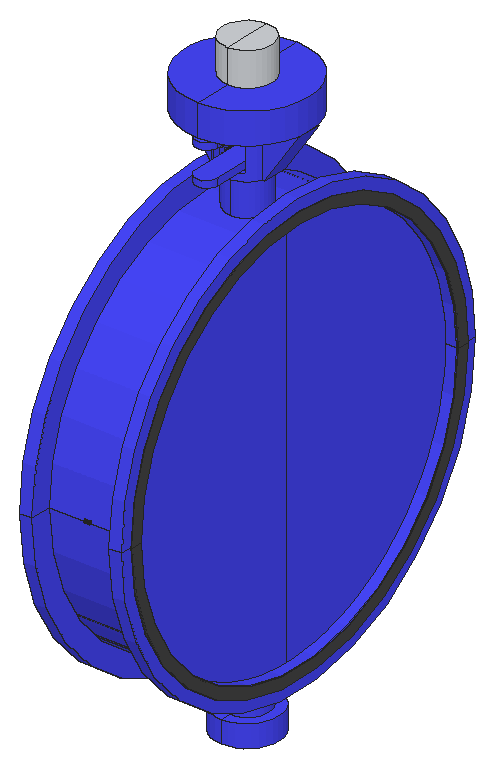
Revit family "926-00-001-DN80-1800", category Pipe Accessories, Revit 2022
Family settings
  Round Connector Dimension = Use Diameter
  Part Type = Valve - Breaks Into
  Work Plane-Based = No
  Always vertical = Yes
  Cut with Voids When Loaded = No
  Shared = No
Parameters (values of type "DN1800_PN16")
  total_FL_legth = A - L  # 459.5 mm
  rib_Loctn = Body_rib_L * 0.4  # 48 mm
  logo = Bore_R + Body_T + 2 mm  # 905 mm
  bottom_support_T = size_lookup(Search_table, "bottom_support_T", 0 mm, DN)  # 144 mm
  bottom_Shaft_T = Body_rib_W * 0.4  # 6 mm
  bottom_Shaft_R = Body_shaft_R3 * 1.2  # 149.76 mm
  Wedge = A / 1.3  # 359.231 mm
  URL_product_pages = "https://www.avkvalves.com/P.aspx?no=92608000020140100000"
  Top_Rib = D / 2  # 110 mm
  Top_Flange_T = size_lookup(Search_table, "Top_Flange_T", 0 mm, DN)  # 140 mm
  Top_Flange_R_T = Slot_T * 2  # 58 mm
  Top_Flange_R = size_lookup(Search_table, "Top_Flange_R", 0 mm, DN)  # 280 mm
  Top_Flange1 = size_lookup(Search_table, "Top_Flange1", 0 mm, DN)  # 140 mm
  Top _Flange_dim2 = Body_shaft_R3_T * 2  # 66 mm
  Top _Flange_dim1 = Body_shaft_R3 * 0.58  # 72.384 mm
  Stem_R = size_lookup(Search_table, "Stem_R", 0 mm, DN)  # 70 mm
  Slt = size_lookup(Search_table, "Slt", 0 mm, DN)  # 100 mm
  Slot_dim1 = size_lookup(Search_table, "Slot_dim1", 0 mm, DN)  # 16 mm
  Slot_T = size_lookup(Search_table, "Slot_T", 0 mm, DN)  # 29 mm
  Search_table = "926-00-001-DN80-1800"
  Seal_R = size_lookup(Search_table, "Seal_R", 0 mm, DN)  # 78.5 mm
  Rib_shaft1 = size_lookup(Search_table, "Rib_shaft1", 0 mm, DN)  # 96 mm
  Rib_shaft = size_lookup(Search_table, "Rib_shaft", 0 mm, DN)  # 124.8 mm
  Rib_T = (FL_T - Raised_dis) / 1.5  # 33.333 mm
  Rib_R = D / 2  # 110 mm
  Retainer = size_lookup(Search_table, "Retainer", 0 mm, DN)  # 50 mm
  Raised_dis = size_lookup(Search_table, "Raised_dis", 0 mm, DN)  # 5 mm
  Raised_R = size_lookup(Search_table, "Raised_R", 0 mm, DN)  # 975 mm
  PCD = size_lookup(Search_table, "PCD", 0 mm, DN)  # 2020 mm
  L = Raised_dis * 1.5  # 7.5 mm
  Hole_R = size_lookup(Search_table, "Hole_R", 0 mm, DN)  # 24.5 mm
  FL_T = size_lookup(Search_table, "FL_T", 0 mm, DN)  # 55 mm
  FL_R = size_lookup(Search_table, "FL_R", 0 mm, DN)  # 1000 mm
  E = size_lookup(Search_table, "E", 0 mm, DN)  # 150 mm
  Description_ = "AVK DBL. ECC. BUTTERFLY VALVE, FLANGED, AWWA SHORT, PN10/16"
  Default Elevation = 0 mm
  DN900_PN16 = "926-900-00-020020100000"
  DN900_PN10 = "926-900-00-010020100000"
  DN800_PN16 = "926-800-00-020020100000"
  DN800_PN10 = "926-800-00-010020100000"
  DN750_PN16 = "926-750-00-020020100000"
  DN750_PN10 = "926-750-00-010020100000"
  DN700_PN16 = "926-700-00-020020100000"
  DN700_PN10 = "926-700-00-010020100000"
  DN600_PN16 = "926-600-00-020040100000"
  DN600_PN10 = "926-600-00-010040100000"
  DN500_PN16 = "926-500-00-020040100000"
  DN500_PN10 = "926-500-00-010040100000"
  DN400_PN16 = "926-400-00-020040100000"
  DN400_PN10 = "926-400-00-010040100000"
  DN350_PN16 = "926-350-00-020040100000"
  DN350_PN10 = "926-350-00-010040100000"
  DN300_PN16 = "926-300-00-020040100000"
  DN300_PN10 = "926-300-00-010040100000"
  DN250_PN16 = "926-250-00-020040100000"
  DN250_PN10 = "926-250-00-010040100000"
  DN200_PN16 = "926-200-00-020040100000"
  DN200_PN10 = "926-200-00-010040100000"
  DN1800_PN16 = "926-A18-00-020020100000"
  DN1800_PN10 = "926-A18-00-010020100000"
  DN150_PN10/16 = "926-150-00-020040100000"
  DN1500_PN16 = "926-A15-00-020020100000"
  DN1500_PN10 = "926-A15-00-010020100000"
  DN1200_PN16 = "926-A12-00-020020100000"
  DN1200_PN10 = "926-A12-00-010020100000"
  DN100_PN10/16 = "926-100-00-020140100000"
  DN1000_PN16 = "926-A10-00-020020100000"
  DN1000_PN10 = "926-A10-00-010020100000"
  DN080_PN10/16 = "926-080-00-020140100000"
  DN = 1800 mm
  D = size_lookup(Search_table, "D", 0 mm, DN)  # 220 mm
  C = size_lookup(Search_table, "C", 0 mm, DN)  # 1430 mm
  Bore_R = size_lookup(Search_table, "Bore_R", 0 mm, DN)  # 900 mm
  Body_shaft_R3_T = size_lookup(Search_table, "Body_shaft_R3_T", 0 mm, DN)  # 33 mm
  Body_shaft_R3 = Body_shaft_R2 * 1.3  # 124.8 mm
  Body_shaft_R2_T = D * 0.8  # 176 mm
  Body_shaft_R2 = Body_rib_L * 0.8  # 96 mm
  Body_shaft_R1 = (total_FL_legth - FL_T) / 2  # 202.25 mm
  Body_rib_W = size_lookup(Search_table, "Body_rib_W", 0 mm, DN)  # 15 mm
  Body_rib_L = size_lookup(Search_table, "Body_rib_L", 0 mm, DN)  # 120 mm
  Body_end_shaft_R = (total_FL_legth - 2 * Raised_dis) / 2  # 224.75 mm
  Body_T = size_lookup(Search_table, "Body_T", 0 mm, DN)  # 3 mm
  B = size_lookup(Search_table, "B", 0 mm, DN)  # 1230 mm
  A = size_lookup(Search_table, "A", 0 mm, DN)  # 467 mm
Reference planes
  plane 1 "Center (Front/Back)": y = 0
  plane 2: z = 0
  plane 3 "Center (Left/Right)": x = 0
  plane 4: z = -1010
  plane 5: z = 1010
  plane 6: x = -229.75
  plane 7: x = 229.75
  plane 8: y = 1010
  plane 9: y = -1010
  plane 10: x = -229.75
  plane 11: x = 229.75
  plane 12: x = -196.417
  plane 13: x = 196.417
  plane 14: z = -1230
  plane 15: z = 1025
  plane 16: z = 1430
  plane 17: y = 23
  plane 18: y = -23
  plane 19: z = 1430
  plane 20: z = 1580
  plane 21: x = -110
  plane 22: x = 110
  plane 23: z = 1290
  plane 24: z = 1025
  plane 25: x = -55
  plane 26: x = 55
  plane 27: z = 1091
  plane 28: z = 1025
  plane 29: z = 900
  plane 30: z = 1000
  plane 31: z = 1290
  plane 32: z = 1062
  plane 33: z = 1274
  plane 34: z = 1245
  plane 35: y = 1000
  plane 36: y = 1000
  plane 37: y = -905
  plane 38: y = 55
  plane 39: y = -55
  plane 40: x = -50
  plane 41: x = 50
  plane 42: x = -233.5
  plane 43: x = 233.5
  plane 44: y = 110
  plane 45: y = -110
  plane 46: z = 1290
  plane 47: x = 237.25
  plane 48: x = -110
  plane 49: x = 110
  plane 50: x = -280
  plane 51: x = 280
Forms (mm)
  Revolve 1, solid, material "Default"
    sketch origin (0, 0, 0) x (1, 0, 0) y (0, 1, 0)
      loop
        line (-229.75, 900) -> (229.75, 900) -> (229.75, 1000) -> (174.75, 1000) -> (174.75, 903) -> (-174.75, 903) -> (-174.75, 1000) -> (-229.75, 1000) -> (-229.75, 900)
      axis (-229.75, 0) -> (229.75, 0)
    angle from 0 to 360
  Revolve 2, solid, material "Default Roof"
    sketch origin (0, 0, 0) x (1, 0, 0) y (0, 1, 0)
      loop
        line (229.75, 950) -> (229.75, 900) -> (237.25, 900) -> (237.25, 950) -> (229.75, 950)
      axis (237.25, 0) -> (229.75, 0)
    angle from 0 to 360
  Revolve 3, solid, material "Default"
    sketch origin (0, 0, 0) x (0, 1, 0) y (0, 0, 1)
      loop
        line (0, -1230) -> (0, 1091) -> (-96, 1091) -> (-96, -1130) -> (-144, -1130) -> (-144, -1230) -> (0, -1230)
      axis (0, 1091) -> (0, -1230)
    angle from 0 to 360
  Revolve 4, solid, material "Default"
    sketch origin (0, 0, 0) x (0, 1, 0) y (0, 0, 1)
      loop
        line (0, 1091) -> (0, 1430) -> (-280, 1430) -> (-280, 1290) -> (-96, 1290) -> (-96, 1091) -> (0, 1091)
      axis (0, 1430) -> (0, 1091)
    angle from 0 to 360
  Revolve 5, solid, material "Default"
    sketch origin (0, 0, 0) x (0, 1, 0) y (0, 0, 1)
      loop
        line (-124.8, 1290) -> (-124.8, 1058) -> (0, 1058) -> (0, 1290) -> (-124.8, 1290)
      axis (0, 1290) -> (0, 1058)
    angle from 0 to 360
  Revolve 6, solid, material "Default"
    sketch origin (0, 0, 0) x (0, 1, 0) y (0, 0, 1)
      loop
        line (0, 1290) -> (-96, 1290) -> (-96, 1091) -> (0, 1091) -> (0, 1290)
      axis (0, 1290) -> (0, 1091)
    angle from 0 to 360
  Revolve 7, solid, material "Default"
    sketch origin (0, 0, 0) x (1, 0, 0) y (0, 0, 1)
      loop
        line (179.615, 900) -> (-179.615, 900) -> (-179.615, 0) -> (179.615, 0) -> (179.615, 900)
      axis (-179.615, 0) -> (179.615, 0)
    angle from 0 to 360
  Extrusion 8, solid, material "Default"
    sketch origin (0, 0, 0) x (1, 0, 0) y (0, 0, 1)
      loop
        line (-280, 1290) -> (-124.8, 1058) -> (124.8, 1058) -> (280, 1290) -> (-280, 1290)
    from -55 to 55
  Extrusion 9, void
    sketch origin (0, 0, 0) x (-1, 0, 0) y (0, 0, 1)
      loop
        line (-72.384, 1290) -> (-72.384, 1091) -> (72.384, 1091) -> (72.384, 1290) -> (-72.384, 1290)
    from -1010 to 1000
  Extrusion 10, solid, material "Default"
    sketch origin (0, 56.62, 1091) x (0, 1, 0) y (-1, 0, 0)
      loop
        arc (-286.62, 50) -> (-336.62, 0) -> (-286.62, -50) r 50
        line (-286.62, -50) -> (173.38, -50)
        arc (173.38, -50) -> (223.38, 0) -> (173.38, 50) r 50
        line (173.38, 50) -> (-286.62, 50)
    from 0 to 29
  Extrusion 11, solid, material "Default"
    sketch origin (0, 119.879, 1290) x (0, 1, 0) y (-1, 0, 0)
      loop
        arc (110.121, -50) -> (160.121, 0) -> (110.121, 50) r 50
        line (110.121, 50) -> (-349.879, 50)
        arc (-349.879, 50) -> (-399.879, 0) -> (-349.879, -50) r 50
        line (-349.879, -50) -> (110.121, -50)
    from -16 to -45
  Revolve 12, solid
    sketch origin (0, 0, 0) x (0, 1, 0) y (0, 0, 1)
      loop
        line (-110, 1580) -> (-110, 1290) -> (-70, 1290) -> (-70, 1274) -> (0, 1274) -> (0, 1580) -> (-110, 1580)
      axis (0, 1274) -> (0, 1580)
    angle from 0 to 360
Cuts and joins
  Extrusion 9 cuts Revolve 4
  Extrusion 9 cuts Revolve 5
  Extrusion 9 cuts Revolve 6
  Extrusion 9 cuts Extrusion 8
Dimensions and locks
  equal spacing: plane 5, level, plane 4
  "PCD": plane 5 to plane 4
  equal spacing: Revolve 1 sketch curve, plane 3 "Center (Left/Right)", Revolve 1 sketch curve  (x2)
  "Bore_R": plane 1 "Center (Front/Back)" to Revolve 1 sketch curve
  "FL_R": plane 1 "Center (Front/Back)" to Revolve 1 sketch curve
  "total_FL_legth": Revolve 1 sketch curve to Revolve 1 sketch curve
  "FL_T": Revolve 1 sketch curve to Revolve 1 sketch curve
  "Body_T": Revolve 1 sketch curve to Revolve 1 sketch curve
  equal spacing: plane 6, plane 3 "Center (Left/Right)", plane 7
  "total_FL_legth": plane 6 to plane 7
  "L": plane 7 to Revolve 2 sketch curve
  equal spacing: plane 8, plane 1 "Center (Front/Back)", plane 9
  "PCD": plane 8 to plane 9
  equal spacing: plane 11, plane 3 "Center (Left/Right)", plane 10
  "total_FL_legth": plane 11 to plane 10
  equal spacing: plane 12, plane 3 "Center (Left/Right)", plane 13
  "Rib_T": plane 12 to plane 10
  "B": level to plane 14
  "bottom_support_T": plane 1 "Center (Front/Back)" to Revolve 3 sketch curve
  "Body_rib_W": plane 15 to plane 5
  "Body_shaft_R2": plane 1 "Center (Front/Back)" to Revolve 4 sketch curve
  "C": plane 16 to level
  "Top_Flange_R": plane 1 "Center (Front/Back)" to Revolve 4 sketch curve
  "C": plane 19 to plane 2
  "E": plane 20 to plane 19
  equal spacing: plane 22, plane 3 "Center (Left/Right)", plane 21
  "D": plane 22 to plane 21
  "Top_Flange1": plane 19 to plane 23
  "Body_rib_W": plane 24 to plane 5
  "Rib_shaft": plane 1 "Center (Front/Back)" to Revolve 5 sketch curve
  "Body_shaft_R3_T": Revolve 5 sketch curve to plane 24
  equal spacing: plane 26, plane 3 "Center (Left/Right)", plane 25
  "Top_Rib": plane 26 to plane 25
  "Bore_R": plane 29 to level
  "FL_R": plane 30 to level
  "Body_rib_W": plane 28 to plane 5
  "Top _Flange_dim2": plane 27 to plane 28
  "Top_Flange1": plane 19 to plane 31
  "Slot_T": plane 27 to plane 32
  "Slot_dim1": plane 31 to plane 33
  "Slot_T": plane 33 to plane 34
  "Body_shaft_R2": plane 1 "Center (Front/Back)" to Revolve 6 sketch curve
  "Slt": Revolve 3 sketch curve to plane 14
  "Rib_shaft1": plane 1 "Center (Front/Back)" to Revolve 3 sketch curve
  equal spacing: Revolve 7 sketch curve, plane 3 "Center (Left/Right)", Revolve 7 sketch curve
  "Wedge": Revolve 7 sketch curve to Revolve 7 sketch curve
  "Bore_R": level to Revolve 7 sketch curve
  "FL_R": plane 35 to plane 1 "Center (Front/Back)"
  "FL_R": plane 36 to plane 1 "Center (Front/Back)"
  "Bore_R": plane 1 "Center (Front/Back)" to Revolve 2 sketch curve
  "logo": plane 1 "Center (Front/Back)" to plane 37
  equal spacing: Extrusion 8 sketch curve, plane 3 "Center (Left/Right)", Extrusion 8 sketch curve  (x2)
  "Top_Flange1": plane 19 to Extrusion 8 sketch curve
  "Top_Flange_R": Extrusion 8 sketch curve to plane 3 "Center (Left/Right)"
  "Rib_shaft": Extrusion 8 sketch curve to plane 3 "Center (Left/Right)"
  "Body_shaft_R3_T": Extrusion 8 sketch curve to plane 28
  equal spacing: plane 38, plane 1 "Center (Front/Back)", plane 39
  "Top_Rib": plane 38 to plane 39
  equal spacing: Extrusion 9 sketch curve, plane 3 "Center (Left/Right)", Extrusion 9 sketch curve
  "Top _Flange_dim1": plane 3 "Center (Left/Right)" to Extrusion 9 sketch curve
  "Top _Flange_dim2": plane 28 to Extrusion 9 sketch curve
  Extrusion 9 to plane 5 = 280 mm
  equal spacing: plane 40, plane 3 "Center (Left/Right)", plane 41
  "Slt": plane 40 to plane 41
  equal spacing: Extrusion 10 sketch curve, plane 1 "Center (Front/Back)", Extrusion 10 sketch curve
  "Slot_T": Extrusion 10 to plane 27
  equal spacing: plane 43, plane 3 "Center (Left/Right)", plane 42
  "A": plane 43 to plane 42
  level to plane 14 = 1230 mm
  plane 19 to level = 1430 mm  (x2)
  plane 20 to plane 19 = 150 mm
  equal spacing: plane 44, plane 1 "Center (Front/Back)", plane 45
  "D": plane 44 to plane 45
  "Stem_R": plane 1 "Center (Front/Back)" to Revolve 12 sketch curve
  "Retainer": plane 36 to Revolve 2 sketch curve
  "Top_Flange_R": plane 1 "Center (Front/Back)" to Extrusion 10 sketch curve
  plane 19 to plane 31 = 140 mm
  "Top_Flange1": plane 19 to plane 46
  "Top_Flange1": plane 16 to Revolve 4 sketch curve
  "Top_Flange1": plane 19 to Revolve 12 sketch curve
  "L": plane 47 to plane 11
  plane 47 to plane 10 = 467 mm
  equal spacing: plane 49, plane 3 "Center (Left/Right)", plane 48
  "D": plane 49 to plane 48
  equal spacing: plane 51, plane 3 "Center (Left/Right)", plane 50
  "Top_Flange_R": plane 51 to plane 3 "Center (Left/Right)"
  plane 51 to plane 50 = 560 mm
  aligned and locked: level to plane 2
  aligned and locked: plane 1 "Center (Front/Back)" to Revolve 1 sketch curve
  aligned and locked: Revolve 1 sketch curve to Revolve 1 sketch curve
  aligned and locked: plane 7 to Revolve 2 sketch curve
  aligned and locked: Revolve 2 sketch curve to plane 1 "Center (Front/Back)"
  aligned and locked: plane 1 "Center (Front/Back)" to Revolve 3 sketch curve  (x2)
  aligned and locked: plane 14 to Revolve 3 sketch curve
  aligned and locked: plane 1 "Center (Front/Back)" to Revolve 4 sketch curve  (x2)
  aligned and locked: plane 23 to Revolve 5 sketch curve
  aligned and locked: plane 1 "Center (Front/Back)" to Revolve 5 sketch curve
  aligned and locked: plane 1 "Center (Front/Back)" to Revolve 6 sketch curve
  aligned and locked: plane 27 to Revolve 6 sketch curve
  aligned and locked: Revolve 6 sketch curve to plane 31
  aligned and locked: Revolve 6 sketch curve to plane 1 "Center (Front/Back)"
  aligned and locked: level to Revolve 7 sketch curve
  aligned and locked: Revolve 7 sketch curve to plane 2
  aligned and locked: Extrusion 8 to plane 38
  aligned and locked: Extrusion 8 to plane 39
  aligned and locked: Extrusion 9 sketch curve to plane 31
  aligned and locked: plane 36 to Extrusion 9
  aligned and locked: Extrusion 9 to plane 9
  aligned and locked: Extrusion 10 to plane 27
  aligned and locked: Extrusion 11 sketch curve to Extrusion 10  (x2)
  aligned and locked: Extrusion 11 to plane 34
  aligned and locked: plane 33 to Extrusion 11
  aligned and locked: plane 3 "Center (Left/Right)" to nested 1
  aligned and locked: cut or joined group of Revolve 4, Extrusion 9 to plane 19
  aligned and locked: plane 27 to Revolve 3 sketch curve
  aligned and locked: Revolve 12 sketch curve to plane 20
  aligned and locked: Revolve 12 sketch curve to plane 1 "Center (Front/Back)"
  aligned and locked: plane 45 to Revolve 12 sketch curve
  aligned and locked: plane 1 "Center (Front/Back)" to Revolve 12 sketch curve
  aligned and locked: plane 33 to Revolve 12 sketch curve
  aligned and locked: plane 27 to Revolve 4 sketch curve
  aligned and locked: plane 40 to Extrusion 10 sketch curve
  aligned and locked: Extrusion 10 sketch curve to plane 41
Automatic sketch dimensions
  Revolve 1 sketch curve to plane 50 = 0.028 mm
  plane 51 to Revolve 1 sketch curve = 0.203 mm
  Revolve 2 sketch curve to plane 26 = 0.279 mm
  Revolve 2 sketch curve to plane 47 = 0.296 mm
  Revolve 3 sketch curve to Revolve 3 sketch curve = 6 mm
  Revolve 3 sketch curve to level = 10 mm
  Revolve 4 sketch curve to plane 16 = 0 mm
  Revolve 4 sketch curve to plane 14 = 49.404 mm
  Revolve 4 sketch curve to Revolve 4 sketch curve = 155 mm
  Revolve 5 sketch curve to plane 1 "Center (Front/Back)" = 0 mm
  Revolve 5 sketch curve to level = 0 mm
  Revolve 5 sketch curve to plane 29 = 2.5 mm
  plane 28 to Revolve 6 sketch curve = 0.174 mm
  plane 34 to Revolve 6 sketch curve = 0.174 mm
  Revolve 7 sketch curve to Revolve 7 sketch curve = 0.312 mm
  plane 10 to Revolve 7 sketch curve = 0.362 mm
  Revolve 12 sketch curve to Revolve 12 sketch curve = 11.471 mm
  Revolve 12 sketch curve to Revolve 12 sketch curve = 15 mm
Nested families
  nested 1: "LXB=26X13" at (0, -902.984, 5.418) x (1, 0, 0) z (0, -1, 0.006), type "LXB=26X13"
Connectors
  piping at (-229.75, 0, 0), diameter 1800, driven by "DN"
    settings: on Revolve 1, index 1, connector inside diameter 609.6 mm, connector length 0 mm, flow factor 0, pipe flow 0.0 L/s, pressure drop 0.0 Pa, fitting loss kfactor 0, connector angle 0.00°, fixture units 0, engagement length 0 mm, angle of deflection 0.00°, flow configuration 0, flow direction 0, fitting loss method 0, system type 7, joint type 0, gender type 0, connector reference index -1, connector utility 0, adjustable connector no, is connector primary yes, connector description ""
  piping at (237.25, 0, 0), diameter 1800, driven by "DN"
    settings: on Revolve 2, index 2, connector inside diameter 609.6 mm, connector length 0 mm, flow factor 0, pipe flow 0.0 L/s, pressure drop 0.0 Pa, fitting loss kfactor 0, connector angle 0.00°, fixture units 0, engagement length 0 mm, angle of deflection 0.00°, flow configuration 0, flow direction 0, fitting loss method 0, system type 7, joint type 0, gender type 0, connector reference index -1, connector utility 0, adjustable connector no, is connector primary no, connector description ""
Definition of nested family "LXB=26X13"
  Parameters (values of type "LXB=26X13")
    Default Elevation = 1219.2 mm
    6 = 6 mm  # constant formula
    4 = 4 mm  # constant formula
    3 = 3 mm  # constant formula
    26 = 26 mm  # constant formula
    2 = 2 mm  # constant formula
    13 = 13 mm  # constant formula
    12 = 14 mm  # constant formula
    1 = 1 mm  # constant formula
    0 = 0 mm  # 0.207 mm
  Reference planes
    plane 1 "Center (Front/Back)": y = 0
    plane 2: z = 0
    plane 3 "Center (Left/Right)": x = 0
    plane 4: y = 6
    plane 5: y = -6
    plane 6: y = 3
    plane 7: y = 4
    plane 8: x = -13
    plane 9: x = 14
  Forms (mm)
    Extrusion 1, solid
      sketch origin (0, 0, 0) x (1, 0, 0) y (0, 1, 0)
        loop
          line (-1219.2, 1219.2) -> (-1219.2, -1219.2) -> (1219.2, -1219.2) -> (1219.2, 1219.2) -> (-1219.2, 1219.2)
      from 0 to -304.8
    Extrusion 2, solid
      sketch origin (0, 0, 0) x (1, 0, 0) y (0, 1, 0)
        loop
          line (14, 3) -> (11.124, 3) -> (11.124, 1.94)
          arc (11.124, 1.94) -> (9.976, 0.511) -> (8.409, -0.438) r 5.268
          line (8.409, -0.438) -> (9.728, 3) -> (5.738, 3) -> (2.713, -6) -> (6, -6) -> (7.395, -3) -> (9.37, -6) -> (12.456, -6) -> (10.368, -2.577)
          arc (10.368, -2.577) -> (11.813, -1.557) -> (12.654, 0) r 3.874
          line (12.654, 0) -> (14, 0) -> (14, 3)
        loop
          line (-3, 6) -> (-13, 6) -> (-13, 4) -> (-5.37, 4) -> (-1.129, -6) -> (1.713, -6) -> (5.348, 4) -> (14, 4) -> (14, 6) -> (3, 6) -> (0, -1.873) -> (-3, 6)
        loop
          line (-5.946, 3) -> (-13, 3) -> (-13, 0) -> (-11.112, 0) -> (-13.834, -6) -> (-10.742, -6) -> (-10.076, -4) -> (-6.634, -4) -> (-6, -6) -> (-2.129, -6) -> (-5.946, 3)
        loop
          line (-8.386, -0.207) -> (-9.061, -2) -> (-7.774, -2) -> (-8.386, -0.207)
      from 0 to 2.299
  Dimensions and locks
    locked: Extrusion 2 to Extrusion 1 at 2.299
    equal spacing: plane 4, plane 1 "Center (Front/Back)", plane 5
    "6": plane 1 "Center (Front/Back)" to plane 4
    "3": Extrusion 2 sketch curve to plane 3 "Center (Left/Right)" to Extrusion 2 sketch curve
    "3": plane 1 "Center (Front/Back)" to plane 6
    "1": plane 7 to plane 6
    "6": plane 5 to plane 1 "Center (Front/Back)"
    "13": plane 8 to plane 3 "Center (Left/Right)"
    "12": plane 3 "Center (Left/Right)" to plane 9
    "1": Extrusion 2 sketch curve to Extrusion 2 sketch curve  (x2)
    locked: Extrusion 2 sketch curve to Extrusion 2 sketch curve at 1.073
    "2": Extrusion 2 sketch curve to plane 5
    "3": Extrusion 2 sketch curve to plane 5
    "4": Extrusion 2 sketch curve to plane 5
    locked: Extrusion 2 sketch curve to Extrusion 2 sketch curve at 1.154
    "6": Extrusion 2 sketch curve to plane 3 "Center (Left/Right)" to Extrusion 2 sketch curve
    "0": Extrusion 2 sketch curve to plane 1 "Center (Front/Back)"
    aligned and locked: plane 2 to Extrusion 1
    aligned and locked: level to Extrusion 1
    aligned and locked: Extrusion 2 sketch curve to plane 4  (x2)
    aligned and locked: plane 5 to Extrusion 2 sketch curve  (x3)
    aligned and locked: Extrusion 2 sketch curve to plane 5  (x2)
    aligned and locked: plane 6 to Extrusion 2 sketch curve
    aligned and locked: Extrusion 2 sketch curve to plane 6  (x2)
    aligned and locked: Extrusion 2 sketch curve to plane 7  (x2)
    aligned and locked: plane 1 "Center (Front/Back)" to Extrusion 2 sketch curve
    aligned and locked: plane 8 to Extrusion 2 sketch curve
    aligned and locked: Extrusion 2 sketch curve to plane 8
    aligned and locked: Extrusion 2 sketch curve to Extrusion 2 sketch curve
    aligned and locked: plane 9 to Extrusion 2 sketch curve
  Automatic sketch dimensions
    Extrusion 1 sketch curve to Extrusion 1 sketch curve = 2438.4 mm  (x2)
    Extrusion 2 sketch curve to plane 3 "Center (Left/Right)" = 0 mm
    plane 1 "Center (Front/Back)" to Extrusion 2 sketch curve = 0 mm
    Extrusion 2 sketch curve to plane 8 = 0.834 mm
    Extrusion 2 sketch curve to Extrusion 2 sketch curve = 1.888 mm
    plane 8 to Extrusion 2 sketch curve = 2.258 mm
    Extrusion 2 sketch curve to Extrusion 2 sketch curve = 0.666 mm
    Extrusion 2 sketch curve to Extrusion 2 sketch curve = 0.675 mm
    Extrusion 2 sketch curve to Extrusion 2 sketch curve = 1.287 mm
    Extrusion 2 sketch curve to Extrusion 2 sketch curve = 1.14 mm
    Extrusion 2 sketch curve to Extrusion 2 sketch curve = 0.634 mm
    Extrusion 2 sketch curve to Extrusion 2 sketch curve = 2.37 mm
    Extrusion 2 sketch curve to plane 3 "Center (Left/Right)" = 2.129 mm
    plane 3 "Center (Left/Right)" to Extrusion 2 sketch curve = 1.713 mm
    Extrusion 2 sketch curve to Extrusion 2 sketch curve = 2.348 mm
    plane 7 to Extrusion 2 sketch curve = 0.474 mm
    Extrusion 2 sketch curve to Extrusion 2 sketch curve = 1.157 mm
    Extrusion 2 sketch curve to Extrusion 2 sketch curve = 1.395 mm  (x2)
    plane 1 "Center (Front/Back)" to Extrusion 2 sketch curve = 0.438 mm
    Extrusion 2 sketch curve to Extrusion 2 sketch curve = 1.014 mm
    Extrusion 2 sketch curve to Extrusion 2 sketch curve = 0.506 mm
    Extrusion 2 sketch curve to Extrusion 2 sketch curve = 3.37 mm
    Extrusion 2 sketch curve to Extrusion 2 sketch curve = 0.813 mm
    Extrusion 2 sketch curve to Extrusion 2 sketch curve = 1.959 mm
    Extrusion 2 sketch curve to plane 9 = 1.544 mm
    Extrusion 2 sketch curve to plane 9 = 1.346 mm
    plane 1 "Center (Front/Back)" to Extrusion 2 sketch curve = 2.577 mm
    plane 1 "Center (Front/Back)" to Extrusion 2 sketch curve = 1.873 mm
Types (34, lengths in mm): name | total_FL_legth | rib_Loctn | logo | bottom_support_T | bottom_Shaft_T | bottom_Shaft_R | Wedge | URL_product_pages | Top_Rib | Top_Flange_T | Top_Flange_R_T | Top_Flange_R | Top_Flange1 | Top _Flange_dim2 | Top _Flange_dim1 | Stem_R | Slt | Slot_dim1 | Slot_T | Seal_R | Rib_shaft1 | Rib_shaft | Rib_T | Rib_R | Retainer | Raised_dis | Raised_R | PCD | L | Hole_R | FL_T | FL_R | E | DN900_PN16 | DN900_PN10 | DN800_PN16 | DN800_PN10 | DN750_PN16 | DN750_PN10 | DN700_PN16 | DN700_PN10 | DN600_PN16 | DN600_PN10 | DN500_PN16 | DN500_PN10 | DN400_PN16 | DN400_PN10 | DN350_PN16 | DN350_PN10 | DN300_PN16 | DN300_PN10 | DN250_PN16 | DN250_PN10 | DN200_PN16 | DN200_PN10 | DN1800_PN16 | DN1800_PN10 | DN150_PN10/16 | DN1500_PN16 | DN1500_PN10 | DN1200_PN16 | DN1200_PN10 | DN100_PN10/16 | DN1000_PN16 | DN1000_PN10 | DN080_PN10/16 | DN | D | C | Bore_R | Body_shaft_R3_T | Body_shaft_R3 | Body_shaft_R2_T | Body_shaft_R2 | Body_shaft_R1 | Body_rib_W | Body_rib_L | Body_end_shaft_R | Body_T | B | A
  (no name) | 459.5 | 48 | 905 | 144 | 6 | 149.76 | 359.231 | "https://www.avkvalves.com/P.aspx?no=92608000020140100000" | 110 | 140 | 58 | 280 | 140 | 66 | 72.384 | 70 | 100 | 16 | 29 | 78.5 | 96 | 124.8 | 33.333 | 110 | 50 | 5 | 975 | 2020 | 7.5 | 24.5 | 55 | 1000 | 150 | "926-900-00-020020100000" | "926-900-00-010020100000" | "926-800-00-020020100000" | "926-800-00-010020100000" | "926-750-00-020020100000" | "926-750-00-010020100000" | "926-700-00-020020100000" | "926-700-00-010020100000" | "926-600-00-020040100000" | "926-600-00-010040100000" | "926-500-00-020040100000" | "926-500-00-010040100000" | "926-400-00-020040100000" | "926-400-00-010040100000" | "926-350-00-020040100000" | "926-350-00-010040100000" | "926-300-00-020040100000" | "926-300-00-010040100000" | "926-250-00-020040100000" | "926-250-00-010040100000" | "926-200-00-020040100000" | "926-200-00-010040100000" | "926-A18-00-020020100000" | "926-A18-00-010020100000" | "926-150-00-020040100000" | "926-A15-00-020020100000" | "926-A15-00-010020100000" | "926-A12-00-020020100000" | "926-A12-00-010020100000" | "926-100-00-020140100000" | "926-A10-00-020020100000" | "926-A10-00-010020100000" | "926-080-00-020140100000" | 1800 | 220 | 1430 | 900 | 33 | 124.8 | 176 | 96 | 202.25 | 15 | 120 | 224.75 | 3 | 1230 | 467
  DN080_PN10/16 | 124 | 8 | 50 | 24 | 4.8 | 24.96 | 97.692 | "https://www.avkvalves.com/P.aspx?no=92605012020140100000" | 4.5 | 7.2 | 28 | 45 | 9 | 8 | 12.064 | 6.75 | 9 | 15 | 14 | 16 | 16 | 20.8 | 4 | 4.5 | 16 | 2 | 66 | 160 | 3 | 5 | 8 | 72 | 18 | "" | "" | "" | "" | "" | "" | "926-700-12-020040100000" | "926-700-12-020040100000" | "926-600-12-020040100000" | "926-600-12-020040100000" | "926-500-12-020040100000" | "926-500-12-010040100000" | "926-400-12-020040100000" | "926-400-12-010040100000" | "926-350-12-020040100000" | "926-350-12-010040100000" | "926-300-12-020040100000" | "926-300-12-010040100000" | "926-250-12-020040100000" | "926-250-12-010040100000" | "926-200-12-020040100000" | "926-200-12-010040100000" | "" | "" | "926-150-12-020040100000" | "" | "" | "" | "" | "926-100-12-020140100000" | "926-080-12-020140100000" | "926-A10-12-020140100000" | "926-A10-12-020140100000" | 80 | 9 | 185 | 40 | 4 | 20.8 | 7.2 | 16 | 58 | 12 | 20 | 60 | 8 | 110 | 127
  DN100_PN10/16 | 124 | 10 | 62 | 30 | 6 | 31.2 | 97.692 | "https://www.avkvalves.com/P.aspx?no=92605012020140100000" | 5.5 | 8.8 | 28 | 62.5 | 15 | 10 | 15.08 | 8.25 | 11 | 15 | 14 | 15.5 | 20 | 26 | 4 | 5.5 | 15.5 | 2 | 78 | 180 | 3 | 6 | 8 | 81 | 20 | "926-900-00-020020100000" | "926-900-00-010020100000" | "926-800-00-020020100000" | "926-800-00-010020100000" | "926-750-00-020020100000" | "926-750-00-010020100000" | "926-700-00-020020100000" | "926-700-00-010020100000" | "926-600-00-020040100000" | "926-600-00-010040100000" | "926-500-00-020040100000" | "926-500-00-010040100000" | "926-400-00-020040100000" | "926-400-00-010040100000" | "926-350-00-020040100000" | "926-350-00-010040100000" | "926-300-00-020040100000" | "926-300-00-010040100000" | "926-250-00-020040100000" | "926-250-00-010040100000" | "926-200-00-020040100000" | "926-200-00-010040100000" | "926-A18-00-020020100000" | "926-A18-00-010020100000" | "926-150-00-020040100000" | "926-A15-00-020020100000" | "926-A15-00-010020100000" | "926-A12-00-020020100000" | "926-A12-00-010020100000" | "926-100-00-020140100000" | "926-A10-00-020020100000" | "926-A10-00-010020100000" | "926-080-00-020140100000" | 100 | 11 | 202 | 50 | 5 | 26 | 8.8 | 20 | 58 | 15 | 25 | 60 | 10 | 130 | 127
  DN200_PN10 | 147.5 | 20.8 | 114 | 62.4 | 8.8 | 64.896 | 116.923 | "https://www.avkvalves.com/P.aspx?no=92605012020140100000" | 11 | 17.6 | 40 | 75 | 22 | 20 | 31.366 | 16.5 | 22 | 21 | 20 | 16.375 | 41.6 | 54.08 | 11.333 | 11 | 16.375 | 3 | 133 | 295 | 4.5 | 11.5 | 20 | 132.75 | 30 | "926-900-00-020020100000" | "926-900-00-010020100000" | "926-800-00-020020100000" | "926-800-00-010020100000" | "926-750-00-020020100000" | "926-750-00-010020100000" | "926-700-00-020020100000" | "926-700-00-010020100000" | "926-600-00-020040100000" | "926-600-00-010040100000" | "926-500-00-020040100000" | "926-500-00-010040100000" | "926-400-00-020040100000" | "926-400-00-010040100000" | "926-350-00-020040100000" | "926-350-00-010040100000" | "926-300-00-020040100000" | "926-300-00-010040100000" | "926-250-00-020040100000" | "926-250-00-010040100000" | "926-200-00-020040100000" | "926-200-00-010040100000" | "926-A18-00-020020100000" | "926-A18-00-010020100000" | "926-150-00-020040100000" | "926-A15-00-020020100000" | "926-A15-00-010020100000" | "926-A12-00-020020100000" | "926-A12-00-010020100000" | "926-100-00-020140100000" | "926-A10-00-020020100000" | "926-A10-00-010020100000" | "926-080-00-020140100000" | 200 | 22 | 320 | 100 | 10 | 54.08 | 17.6 | 41.6 | 63.75 | 22 | 52 | 70.75 | 12 | 200 | 152
  DN150_PN10/16 | 124 | 12.8 | 89 | 38.4 | 8 | 39.936 | 97.692 | "https://www.avkvalves.com/P.aspx?no=92605012020140100000" | 8.5 | 13.6 | 44 | 62.5 | 18 | 14 | 19.302 | 12.75 | 17 | 18 | 22 | 16.5 | 25.6 | 33.28 | 5.333 | 8.5 | 16.5 | 2 | 105.5 | 240 | 3 | 8 | 10 | 108 | 27 | "926-900-00-020020100000" | "926-900-00-010020100000" | "926-800-00-020020100000" | "926-800-00-010020100000" | "926-750-00-020020100000" | "926-750-00-010020100000" | "926-700-00-020020100000" | "926-700-00-010020100000" | "926-600-00-020040100000" | "926-600-00-010040100000" | "926-500-00-020040100000" | "926-500-00-010040100000" | "926-400-00-020040100000" | "926-400-00-010040100000" | "926-350-00-020040100000" | "926-350-00-010040100000" | "926-300-00-020040100000" | "926-300-00-010040100000" | "926-250-00-020040100000" | "926-250-00-010040100000" | "926-200-00-020040100000" | "926-200-00-010040100000" | "926-A18-00-020020100000" | "926-A18-00-010020100000" | "926-150-00-020040100000" | "926-A15-00-020020100000" | "926-A15-00-010020100000" | "926-A12-00-020020100000" | "926-A12-00-010020100000" | "926-100-00-020140100000" | "926-A10-00-020020100000" | "926-A10-00-010020100000" | "926-080-00-020140100000" | 150 | 17 | 280 | 75 | 7 | 33.28 | 13.6 | 25.6 | 57 | 20 | 32 | 60 | 12 | 170 | 127
  DN200_PN16 | 147.5 | 20.8 | 116 | 62.4 | 8.8 | 64.896 | 116.923 | "https://www.avkvalves.com/P.aspx?no=92605012020140100000" | 11 | 17.6 | 40 | 75 | 21 | 20 | 31.366 | 16.5 | 22 | 21 | 20 | 16.375 | 41.6 | 54.08 | 11.333 | 11 | 16.375 | 3 | 133 | 295 | 4.5 | 11.5 | 20 | 132.75 | 30 | "926-900-00-020020100000" | "926-900-00-010020100000" | "926-800-00-020020100000" | "926-800-00-010020100000" | "926-750-00-020020100000" | "926-750-00-010020100000" | "926-700-00-020020100000" | "926-700-00-010020100000" | "926-600-00-020040100000" | "926-600-00-010040100000" | "926-500-00-020040100000" | "926-500-00-010040100000" | "926-400-00-020040100000" | "926-400-00-010040100000" | "926-350-00-020040100000" | "926-350-00-010040100000" | "926-300-00-020040100000" | "926-300-00-010040100000" | "926-250-00-020040100000" | "926-250-00-010040100000" | "926-200-00-020040100000" | "926-200-00-010040100000" | "926-A18-00-020020100000" | "926-A18-00-010020100000" | "926-150-00-020040100000" | "926-A15-00-020020100000" | "926-A15-00-010020100000" | "926-A12-00-020020100000" | "926-A12-00-010020100000" | "926-100-00-020140100000" | "926-A10-00-020020100000" | "926-A10-00-010020100000" | "926-080-00-020140100000" | 200.1 | 22 | 320 | 100 | 10 | 54.08 | 17.6 | 41.6 | 63.75 | 22 | 52 | 70.75 | 14 | 200 | 152
  DN250_PN10 | 198.5 | 22.4 | 141 | 67.2 | 9.6 | 69.888 | 156.154 | "https://www.avkvalves.com/P.aspx?no=92605012020140100000" | 13.5 | 21.6 | 40 | 75 | 21 | 24 | 33.779 | 20.25 | 27 | 6 | 20 | 16.25 | 44.8 | 58.24 | 12.667 | 13.5 | 16.25 | 3 | 159.5 | 350 | 4.5 | 11.5 | 22 | 157.5 | 36 | "926-900-00-020020100000" | "926-900-00-010020100000" | "926-800-00-020020100000" | "926-800-00-010020100000" | "926-750-00-020020100000" | "926-750-00-010020100000" | "926-700-00-020020100000" | "926-700-00-010020100000" | "926-600-00-020040100000" | "926-600-00-010040100000" | "926-500-00-020040100000" | "926-500-00-010040100000" | "926-400-00-020040100000" | "926-400-00-010040100000" | "926-350-00-020040100000" | "926-350-00-010040100000" | "926-300-00-020040100000" | "926-300-00-010040100000" | "926-250-00-020040100000" | "926-250-00-010040100000" | "926-200-00-020040100000" | "926-200-00-010040100000" | "926-A18-00-020020100000" | "926-A18-00-010020100000" | "926-150-00-020040100000" | "926-A15-00-020020100000" | "926-A15-00-010020100000" | "926-A12-00-020020100000" | "926-A12-00-010020100000" | "926-100-00-020140100000" | "926-A10-00-020020100000" | "926-A10-00-010020100000" | "926-080-00-020140100000" | 250 | 27 | 340 | 125 | 12 | 58.24 | 21.6 | 44.8 | 88.25 | 24 | 56 | 96.25 | 14 | 222 | 203
  DN250_PN16 | 198.5 | 22.4 | 131 | 67.2 | 9.6 | 69.888 | 156.154 | "https://www.avkvalves.com/P.aspx?no=92605012020140100000" | 13.5 | 21.6 | 40 | 75 | 21.6 | 24 | 33.779 | 20.25 | 27 | 6 | 20 | 17.375 | 44.8 | 58.24 | 12.667 | 13.5 | 17.375 | 3 | 159.5 | 355 | 4.5 | 11 | 22 | 159.75 | 36 | "926-900-00-020020100000" | "926-900-00-010020100000" | "926-800-00-020020100000" | "926-800-00-010020100000" | "926-750-00-020020100000" | "926-750-00-010020100000" | "926-700-00-020020100000" | "926-700-00-010020100000" | "926-600-00-020040100000" | "926-600-00-010040100000" | "926-500-00-020040100000" | "926-500-00-010040100000" | "926-400-00-020040100000" | "926-400-00-010040100000" | "926-350-00-020040100000" | "926-350-00-010040100000" | "926-300-00-020040100000" | "926-300-00-010040100000" | "926-250-00-020040100000" | "926-250-00-010040100000" | "926-200-00-020040100000" | "926-200-00-010040100000" | "926-A18-00-020020100000" | "926-A18-00-010020100000" | "926-150-00-020040100000" | "926-A15-00-020020100000" | "926-A15-00-010020100000" | "926-A12-00-020020100000" | "926-A12-00-010020100000" | "926-100-00-020140100000" | "926-A10-00-020020100000" | "926-A10-00-010020100000" | "926-080-00-020140100000" | 250.1 | 27 | 340 | 125 | 12 | 58.24 | 21.6 | 44.8 | 88.25 | 24 | 56 | 96.25 | 4 | 222 | 203
  DN300_PN10 | 197 | 24 | 166 | 72 | 12 | 74.88 | 156.154 | "https://www.avkvalves.com/P.aspx?no=92605012020140100000" | 13.5 | 21.6 | 40 | 75 | 21.6 | 24 | 36.192 | 20.25 | 27 | 6 | 20 | 15 | 48 | 52 | 13.667 | 13.5 | 15 | 4 | 185 | 400 | 6 | 11.5 | 24.5 | 180 | 41 | "926-900-00-020020100000" | "926-900-00-010020100000" | "926-800-00-020020100000" | "926-800-00-010020100000" | "926-750-00-020020100000" | "926-750-00-010020100000" | "926-700-00-020020100000" | "926-700-00-010020100000" | "926-600-00-020040100000" | "926-600-00-010040100000" | "926-500-00-020040100000" | "926-500-00-010040100000" | "926-400-00-020040100000" | "926-400-00-010040100000" | "926-350-00-020040100000" | "926-350-00-010040100000" | "926-300-00-020040100000" | "926-300-00-010040100000" | "926-250-00-020040100000" | "926-250-00-010040100000" | "926-200-00-020040100000" | "926-200-00-010040100000" | "926-A18-00-020020100000" | "926-A18-00-010020100000" | "926-150-00-020040100000" | "926-A15-00-020020100000" | "926-A15-00-010020100000" | "926-A12-00-020020100000" | "926-A12-00-010020100000" | "926-100-00-020140100000" | "926-A10-00-020020100000" | "926-A10-00-010020100000" | "926-080-00-020140100000" | 300 | 27 | 390 | 150 | 12 | 62.4 | 21.6 | 48 | 86.25 | 30 | 60 | 94.5 | 14 | 260 | 203
  DN300_PN16 | 197 | 24 | 166 | 72 | 12 | 74.88 | 156.154 | "https://www.avkvalves.com/P.aspx?no=92605012020140100000" | 13.5 | 21.6 | 40 | 75 | 21.6 | 24 | 36.192 | 20.25 | 27 | 6 | 20 | 17.25 | 48 | 52 | 13.667 | 13.5 | 17.25 | 4 | 185 | 410 | 6 | 12 | 24.5 | 184.5 | 41 | "926-900-00-020020100000" | "926-900-00-010020100000" | "926-800-00-020020100000" | "926-800-00-010020100000" | "926-750-00-020020100000" | "926-750-00-010020100000" | "926-700-00-020020100000" | "926-700-00-010020100000" | "926-600-00-020040100000" | "926-600-00-010040100000" | "926-500-00-020040100000" | "926-500-00-010040100000" | "926-400-00-020040100000" | "926-400-00-010040100000" | "926-350-00-020040100000" | "926-350-00-010040100000" | "926-300-00-020040100000" | "926-300-00-010040100000" | "926-250-00-020040100000" | "926-250-00-010040100000" | "926-200-00-020040100000" | "926-200-00-010040100000" | "926-A18-00-020020100000" | "926-A18-00-010020100000" | "926-150-00-020040100000" | "926-A15-00-020020100000" | "926-A15-00-010020100000" | "926-A12-00-020020100000" | "926-A12-00-010020100000" | "926-100-00-020140100000" | "926-A10-00-020020100000" | "926-A10-00-010020100000" | "926-080-00-020140100000" | 300.1 | 27 | 390 | 150 | 12 | 62.4 | 21.6 | 48 | 86.25 | 30 | 60 | 94.5 | 14 | 260 | 203
  DN400_PN16 | 197 | 28 | 217 | 84 | 16.8 | 87.36 | 156.154 | "https://www.avkvalves.com/P.aspx?no=92605012020140100000" | 18 | 28.8 | 44 | 105 | 28.8 | 32 | 42.224 | 27 | 36 | 7 | 22 | 18.125 | 50 | 72.8 | 16 | 18 | 18.125 | 4 | 240 | 510 | 6 | 14 | 28 | 236.25 | 41 | "926-900-00-020020100000" | "926-900-00-010020100000" | "926-800-00-020020100000" | "926-800-00-010020100000" | "926-750-00-020020100000" | "926-750-00-010020100000" | "926-700-00-020020100000" | "926-700-00-010020100000" | "926-600-00-020040100000" | "926-600-00-010040100000" | "926-500-00-020040100000" | "926-500-00-010040100000" | "926-400-00-020040100000" | "926-400-00-010040100000" | "926-350-00-020040100000" | "926-350-00-010040100000" | "926-300-00-020040100000" | "926-300-00-010040100000" | "926-250-00-020040100000" | "926-250-00-010040100000" | "926-200-00-020040100000" | "926-200-00-010040100000" | "926-A18-00-020020100000" | "926-A18-00-010020100000" | "926-150-00-020040100000" | "926-A15-00-020020100000" | "926-A15-00-010020100000" | "926-A12-00-020020100000" | "926-A12-00-010020100000" | "926-100-00-020140100000" | "926-A10-00-020020100000" | "926-A10-00-010020100000" | "926-080-00-020140100000" | 400.1 | 36 | 451 | 200 | 16 | 72.8 | 28.8 | 56 | 84.5 | 42 | 70 | 94.5 | 15 | 350 | 203
  DN400_PN10 | 197 | 28 | 217 | 84 | 16.8 | 87.36 | 156.154 | "https://www.avkvalves.com/P.aspx?no=92605012020140100000" | 18 | 28.8 | 44 | 105 | 28.8 | 32 | 42.224 | 27 | 36 | 7 | 22 | 15.875 | 50 | 72.8 | 13.667 | 18 | 15.875 | 4 | 240 | 510 | 6 | 14 | 24.5 | 231.75 | 41 | "926-900-00-020020100000" | "926-900-00-010020100000" | "926-800-00-020020100000" | "926-800-00-010020100000" | "926-750-00-020020100000" | "926-750-00-010020100000" | "926-700-00-020020100000" | "926-700-00-010020100000" | "926-600-00-020040100000" | "926-600-00-010040100000" | "926-500-00-020040100000" | "926-500-00-010040100000" | "926-400-00-020040100000" | "926-400-00-010040100000" | "926-350-00-020040100000" | "926-350-00-010040100000" | "926-300-00-020040100000" | "926-300-00-010040100000" | "926-250-00-020040100000" | "926-250-00-010040100000" | "926-200-00-020040100000" | "926-200-00-010040100000" | "926-A18-00-020020100000" | "926-A18-00-010020100000" | "926-150-00-020040100000" | "926-A15-00-020020100000" | "926-A15-00-010020100000" | "926-A12-00-020020100000" | "926-A12-00-010020100000" | "926-100-00-020140100000" | "926-A10-00-020020100000" | "926-A10-00-010020100000" | "926-080-00-020140100000" | 400 | 36 | 451 | 200 | 16 | 72.8 | 28.8 | 56 | 86.25 | 42 | 70 | 94.5 | 15 | 350 | 203
  DN500_PN16 | 197 | 31.2 | 255 | 93.6 | 16.4 | 97.344 | 156.154 | "https://www.avkvalves.com/P.aspx?no=92605012020140100000" | 23 | 36.8 | 44 | 105 | 36.8 | 32 | 47.05 | 34.5 | 46 | 7 | 22 | 12.5 | 62.4 | 81.12 | 17.333 | 23 | 12.5 | 4 | 274 | 585 | 6 | 15 | 30 | 275 | 65 | "926-900-00-020020100000" | "926-900-00-010020100000" | "926-800-00-020020100000" | "926-800-00-010020100000" | "926-750-00-020020100000" | "926-750-00-010020100000" | "926-700-00-020020100000" | "926-700-00-010020100000" | "926-600-00-020040100000" | "926-600-00-010040100000" | "926-500-00-020040100000" | "926-500-00-010040100000" | "926-400-00-020040100000" | "926-400-00-010040100000" | "926-350-00-020040100000" | "926-350-00-010040100000" | "926-300-00-020040100000" | "926-300-00-010040100000" | "926-250-00-020040100000" | "926-250-00-010040100000" | "926-200-00-020040100000" | "926-200-00-010040100000" | "926-A18-00-020020100000" | "926-A18-00-010020100000" | "926-150-00-020040100000" | "926-A15-00-020020100000" | "926-A15-00-010020100000" | "926-A12-00-020020100000" | "926-A12-00-010020100000" | "926-100-00-020140100000" | "926-A10-00-020020100000" | "926-A10-00-010020100000" | "926-080-00-020140100000" | 500.1 | 46 | 511 | 250 | 16 | 81.12 | 36.8 | 62.4 | 83.5 | 41 | 78 | 94.5 | 3 | 380 | 203
  DN600_PN10 | 197 | 34.8 | 305 | 104.4 | 15.2 | 108.576 | 156.154 | "https://www.avkvalves.com/P.aspx?no=92605012020140100000" | 27.5 | 44 | 44 | 150 | 44 | 40 | 52.478 | 41.25 | 55 | 9 | 22 | 10 | 69.6 | 90.48 | 15 | 27.5 | 12.5 | 4 | 291 | 620 | 6 | 14 | 26.5 | 325 | 70 | "926-900-00-020020100000" | "926-900-00-010020100000" | "926-800-00-020020100000" | "926-800-00-010020100000" | "926-750-00-020020100000" | "926-750-00-010020100000" | "926-700-00-020020100000" | "926-700-00-010020100000" | "926-600-00-020040100000" | "926-600-00-010040100000" | "926-500-00-020040100000" | "926-500-00-010040100000" | "926-400-00-020040100000" | "926-400-00-010040100000" | "926-350-00-020040100000" | "926-350-00-010040100000" | "926-300-00-020040100000" | "926-300-00-010040100000" | "926-250-00-020040100000" | "926-250-00-010040100000" | "926-200-00-020040100000" | "926-200-00-010040100000" | "926-A18-00-020020100000" | "926-A18-00-010020100000" | "926-150-00-020040100000" | "926-A15-00-020020100000" | "926-A15-00-010020100000" | "926-A12-00-020020100000" | "926-A12-00-010020100000" | "926-100-00-020140100000" | "926-A10-00-020020100000" | "926-A10-00-010020100000" | "926-080-00-020140100000" | 600 | 55 | 561 | 300 | 20 | 90.48 | 44 | 69.6 | 85.25 | 38 | 87 | 94.5 | 3 | 450 | 203
  DN600_PN16 | 197 | 34.8 | 305 | 104.4 | 15.2 | 108.576 | 156.154 | "https://www.avkvalves.com/P.aspx?no=92605012020140100000" | 27.5 | 44 | 44 | 150 | 44 | 40 | 52.478 | 41.25 | 55 | 9 | 22 | 10 | 69.6 | 90.48 | 18.333 | 27.5 | 15 | 4 | 304.5 | 650 | 6 | 16 | 31.5 | 330 | 70 | "926-900-00-020020100000" | "926-900-00-010020100000" | "926-800-00-020020100000" | "926-800-00-010020100000" | "926-750-00-020020100000" | "926-750-00-010020100000" | "926-700-00-020020100000" | "926-700-00-010020100000" | "926-600-00-020040100000" | "926-600-00-010040100000" | "926-500-00-020040100000" | "926-500-00-010040100000" | "926-400-00-020040100000" | "926-400-00-010040100000" | "926-350-00-020040100000" | "926-350-00-010040100000" | "926-300-00-020040100000" | "926-300-00-010040100000" | "926-250-00-020040100000" | "926-250-00-010040100000" | "926-200-00-020040100000" | "926-200-00-010040100000" | "926-A18-00-020020100000" | "926-A18-00-010020100000" | "926-150-00-020040100000" | "926-A15-00-020020100000" | "926-A15-00-010020100000" | "926-A12-00-020020100000" | "926-A12-00-010020100000" | "926-100-00-020140100000" | "926-A10-00-020020100000" | "926-A10-00-010020100000" | "926-080-00-020140100000" | 600.1 | 55 | 561 | 300 | 20 | 90.48 | 44 | 69.6 | 82.75 | 38 | 87 | 94.5 | 3 | 450 | 203
  DN700_PN10 | 297.5 | 38.8 | 355 | 116.4 | 18 | 121.056 | 234.615 | "https://www.avkvalves.com/P.aspx?no=92605012020140100000" | 40 | 64 | 40 | 150 | 64 | 48 | 58.51 | 60 | 80 | 11 | 20 | 10 | 77.6 | 100.88 | 16.667 | 40 | 12.5 | 5 | 341 | 725 | 7.5 | 15.5 | 30 | 375 | 110 | "926-900-00-020020100000" | "926-900-00-010020100000" | "926-800-00-020020100000" | "926-800-00-010020100000" | "926-750-00-020020100000" | "926-750-00-010020100000" | "926-700-00-020020100000" | "926-700-00-010020100000" | "926-600-00-020040100000" | "926-600-00-010040100000" | "926-500-00-020040100000" | "926-500-00-010040100000" | "926-400-00-020040100000" | "926-400-00-010040100000" | "926-350-00-020040100000" | "926-350-00-010040100000" | "926-300-00-020040100000" | "926-300-00-010040100000" | "926-250-00-020040100000" | "926-250-00-010040100000" | "926-200-00-020040100000" | "926-200-00-010040100000" | "926-A18-00-020020100000" | "926-A18-00-010020100000" | "926-150-00-020040100000" | "926-A15-00-020020100000" | "926-A15-00-010020100000" | "926-A12-00-020020100000" | "926-A12-00-010020100000" | "926-100-00-020140100000" | "926-A10-00-020020100000" | "926-A10-00-010020100000" | "926-080-00-020140100000" | 700 | 80 | 655 | 350 | 24 | 100.88 | 64 | 77.6 | 133.75 | 45 | 97 | 143.75 | 3 | 500 | 305
  DN700_PN16 | 297.5 | 38.8 | 355 | 116.4 | 12 | 121.056 | 234.615 | "https://www.avkvalves.com/P.aspx?no=92605012020140100000" | 40 | 140 | 40 | 150 | 64 | 20 | 58.51 | 60 | 80 | 11 | 20 | 10 | 77.6 | 100.88 | 20.667 | 40 | 12.5 | 5 | 360 | 750 | 7.5 | 15.5 | 36 | 375 | 110 | "926-900-00-020020100000" | "926-900-00-010020100000" | "926-800-00-020020100000" | "926-800-00-010020100000" | "926-750-00-020020100000" | "926-750-00-010020100000" | "926-700-00-020020100000" | "926-700-00-010020100000" | "926-600-00-020040100000" | "926-600-00-010040100000" | "926-500-00-020040100000" | "926-500-00-010040100000" | "926-400-00-020040100000" | "926-400-00-010040100000" | "926-350-00-020040100000" | "926-350-00-010040100000" | "926-300-00-020040100000" | "926-300-00-010040100000" | "926-250-00-020040100000" | "926-250-00-010040100000" | "926-200-00-020040100000" | "926-200-00-010040100000" | "926-A18-00-020020100000" | "926-A18-00-010020100000" | "926-150-00-020040100000" | "926-A15-00-020020100000" | "926-A15-00-010020100000" | "926-A12-00-020020100000" | "926-A12-00-010020100000" | "926-100-00-020140100000" | "926-A10-00-020020100000" | "926-A10-00-010020100000" | "926-080-00-020140100000" | 700.1 | 80 | 655 | 350 | 10 | 100.88 | 64 | 77.6 | 130.75 | 30 | 97 | 143.75 | 3 | 500 | 305
  DN750_PN10 | 297.5 | 42 | 380 | 126 | 16 | 131.04 | 234.615 | "https://www.avkvalves.com/P.aspx?no=92605012020140100000" | 40 | 140 | 30 | 150 | 64 | 70 | 63.336 | 60 | 80 | 16 | 15 | 10 | 84 | 109.2 | 23.333 | 40 | 22.5 | 5 | 397 | 840 | 7.5 | 15.5 | 40 | 420 | 110 | "926-900-00-020020100000" | "926-900-00-010020100000" | "926-800-00-020020100000" | "926-800-00-010020100000" | "926-750-00-020020100000" | "926-750-00-010020100000" | "926-700-00-020020100000" | "926-700-00-010020100000" | "926-600-00-020040100000" | "926-600-00-010040100000" | "926-500-00-020040100000" | "926-500-00-010040100000" | "926-400-00-020040100000" | "926-400-00-010040100000" | "926-350-00-020040100000" | "926-350-00-010040100000" | "926-300-00-020040100000" | "926-300-00-010040100000" | "926-250-00-020040100000" | "926-250-00-010040100000" | "926-200-00-020040100000" | "926-200-00-010040100000" | "926-A18-00-020020100000" | "926-A18-00-010020100000" | "926-150-00-020040100000" | "926-A15-00-020020100000" | "926-A15-00-010020100000" | "926-A12-00-020020100000" | "926-A12-00-010020100000" | "926-100-00-020140100000" | "926-A10-00-020020100000" | "926-A10-00-010020100000" | "926-080-00-020140100000" | 750 | 80 | 735 | 375 | 35 | 109.2 | 64 | 84 | 128.75 | 40 | 105 | 143.75 | 3 | 590 | 305
  DN750_PN16 | 297.5 | 42 | 380 | 126 | 16 | 131.04 | 234.615 | "https://www.avkvalves.com/P.aspx?no=92605012020140100000" | 40 | 140 | 30 | 150 | 64 | 70 | 63.336 | 60 | 80 | 16 | 15 | 10 | 84 | 109.2 | 23.333 | 40 | 22.5 | 5 | 397 | 840 | 7.5 | 15.5 | 40 | 420 | 110 | "926-900-00-020020100000" | "926-900-00-010020100000" | "926-800-00-020020100000" | "926-800-00-010020100000" | "926-750-00-020020100000" | "926-750-00-010020100000" | "926-700-00-020020100000" | "926-700-00-010020100000" | "926-600-00-020040100000" | "926-600-00-010040100000" | "926-500-00-020040100000" | "926-500-00-010040100000" | "926-400-00-020040100000" | "926-400-00-010040100000" | "926-350-00-020040100000" | "926-350-00-010040100000" | "926-300-00-020040100000" | "926-300-00-010040100000" | "926-250-00-020040100000" | "926-250-00-010040100000" | "926-200-00-020040100000" | "926-200-00-010040100000" | "926-A18-00-020020100000" | "926-A18-00-010020100000" | "926-150-00-020040100000" | "926-A15-00-020020100000" | "926-A15-00-010020100000" | "926-A12-00-020020100000" | "926-A12-00-010020100000" | "926-100-00-020140100000" | "926-A10-00-020020100000" | "926-A10-00-010020100000" | "926-080-00-020140100000" | 750.1 | 80 | 735 | 375 | 35 | 109.2 | 64 | 84 | 128.75 | 40 | 105 | 143.75 | 3 | 590 | 305
  DN800_PN10 | 297.5 | 46 | 405 | 138 | 2 | 143.52 | 234.615 | "https://www.avkvalves.com/P.aspx?no=92605012020140100000" | 40 | 140 | 44 | 150 | 64 | 2 | 69.368 | 60 | 80 | 15 | 22 | 61 | 92 | 119.6 | 23.333 | 40 | 25 | 5 | 556 | 1050 | 7.5 | 18.5 | 40 | 450 | 110 | "926-900-00-020020100000" | "926-900-00-010020100000" | "926-800-00-020020100000" | "926-800-00-010020100000" | "926-750-00-020020100000" | "926-750-00-010020100000" | "926-700-00-020020100000" | "926-700-00-010020100000" | "926-600-00-020040100000" | "926-600-00-010040100000" | "926-500-00-020040100000" | "926-500-00-010040100000" | "926-400-00-020040100000" | "926-400-00-010040100000" | "926-350-00-020040100000" | "926-350-00-010040100000" | "926-300-00-020040100000" | "926-300-00-010040100000" | "926-250-00-020040100000" | "926-250-00-010040100000" | "926-200-00-020040100000" | "926-200-00-010040100000" | "926-A18-00-020020100000" | "926-A18-00-010020100000" | "926-150-00-020040100000" | "926-A15-00-020020100000" | "926-A15-00-010020100000" | "926-A12-00-020020100000" | "926-A12-00-010020100000" | "926-100-00-020140100000" | "926-A10-00-020020100000" | "926-A10-00-010020100000" | "926-080-00-020140100000" | 800 | 80 | 740 | 400 | 1 | 119.6 | 64 | 92 | 128.75 | 5 | 115 | 143.75 | 3 | 600 | 305
  DN800_PN16 | 297.5 | 46 | 405 | 138 | 2 | 143.52 | 234.615 | "https://www.avkvalves.com/P.aspx?no=92605012020140100000" | 40 | 120 | 44 | 150 | 64 | 2 | 69.368 | 60 | 80 | 15 | 22 | 63.25 | 92 | 119.6 | 30 | 40 | 25 | 5 | 556 | 1050 | 7.5 | 18.5 | 50 | 450 | 110 | "926-900-00-020020100000" | "926-900-00-010020100000" | "926-800-00-020020100000" | "926-800-00-010020100000" | "926-750-00-020020100000" | "926-750-00-010020100000" | "926-700-00-020020100000" | "926-700-00-010020100000" | "926-600-00-020040100000" | "926-600-00-010040100000" | "926-500-00-020040100000" | "926-500-00-010040100000" | "926-400-00-020040100000" | "926-400-00-010040100000" | "926-350-00-020040100000" | "926-350-00-010040100000" | "926-300-00-020040100000" | "926-300-00-010040100000" | "926-250-00-020040100000" | "926-250-00-010040100000" | "926-200-00-020040100000" | "926-200-00-010040100000" | "926-A18-00-020020100000" | "926-A18-00-010020100000" | "926-150-00-020040100000" | "926-A15-00-020020100000" | "926-A15-00-010020100000" | "926-A12-00-020020100000" | "926-A12-00-010020100000" | "926-100-00-020140100000" | "926-A10-00-020020100000" | "926-A10-00-010020100000" | "926-080-00-020140100000" | 800.1 | 80 | 740 | 400 | 1 | 119.6 | 64 | 92 | 123.75 | 5 | 115 | 143.75 | 3 | 600 | 305
  DN900_PN10 | 297.5 | 46 | 455 | 138 | 0.4 | 143.52 | 234.615 | "https://www.avkvalves.com/P.aspx?no=92605012020140100000" | 37.5 | 120 | 44 | 175 | 60 | 66 | 69.368 | 56.25 | 75 | 15 | 22 | 36 | 92 | 119.6 | 23.333 | 37.5 | 32.5 | 5 | 556 | 1135 | 7.5 | 18.5 | 40 | 515 | 108 | "926-900-00-020020100000" | "926-900-00-010020100000" | "926-800-00-020020100000" | "926-800-00-010020100000" | "926-750-00-020020100000" | "926-750-00-010020100000" | "926-700-00-020020100000" | "926-700-00-010020100000" | "926-600-00-020040100000" | "926-600-00-010040100000" | "926-500-00-020040100000" | "926-500-00-010040100000" | "926-400-00-020040100000" | "926-400-00-010040100000" | "926-350-00-020040100000" | "926-350-00-010040100000" | "926-300-00-020040100000" | "926-300-00-010040100000" | "926-250-00-020040100000" | "926-250-00-010040100000" | "926-200-00-020040100000" | "926-200-00-010040100000" | "926-A18-00-020020100000" | "926-A18-00-010020100000" | "926-150-00-020040100000" | "926-A15-00-020020100000" | "926-A15-00-010020100000" | "926-A12-00-020020100000" | "926-A12-00-010020100000" | "926-100-00-020140100000" | "926-A10-00-020020100000" | "926-A10-00-010020100000" | "926-080-00-020140100000" | 900 | 75 | 802 | 450 | 33 | 119.6 | 60 | 92 | 128.75 | 1 | 115 | 143.75 | 3 | 620 | 305
  DN900_PN16 | 297.5 | 46 | 455 | 138 | 0.4 | 143.52 | 234.615 | "https://www.avkvalves.com/P.aspx?no=92605012020140100000" | 37.5 | 75 | 44 | 175 | 60 | 66 | 69.368 | 56.25 | 75 | 15 | 22 | 38.25 | 92 | 119.6 | 30 | 37.5 | 35 | 5 | 556 | 1135 | 7.5 | 18.5 | 50 | 520 | 108 | "926-900-00-020020100000" | "926-900-00-010020100000" | "926-800-00-020020100000" | "926-800-00-010020100000" | "926-750-00-020020100000" | "926-750-00-010020100000" | "926-700-00-020020100000" | "926-700-00-010020100000" | "926-600-00-020040100000" | "926-600-00-010040100000" | "926-500-00-020040100000" | "926-500-00-010040100000" | "926-400-00-020040100000" | "926-400-00-010040100000" | "926-350-00-020040100000" | "926-350-00-010040100000" | "926-300-00-020040100000" | "926-300-00-010040100000" | "926-250-00-020040100000" | "926-250-00-010040100000" | "926-200-00-020040100000" | "926-200-00-010040100000" | "926-A18-00-020020100000" | "926-A18-00-010020100000" | "926-150-00-020040100000" | "926-A15-00-020020100000" | "926-A15-00-010020100000" | "926-A12-00-020020100000" | "926-A12-00-010020100000" | "926-100-00-020140100000" | "926-A10-00-020020100000" | "926-A10-00-010020100000" | "926-080-00-020140100000" | 900.1 | 75 | 802 | 450 | 33 | 119.6 | 60 | 92 | 123.75 | 1 | 115 | 143.75 | 3 | 620 | 305
  DN1000_PN10 | 297.5 | 46 | 505 | 138 | 13.2 | 143.52 | 234.615 | "https://www.avkvalves.com/P.aspx?no=92605012020140100000" | 37.5 | 75 | 44 | 175 | 60 | 66 | 69.368 | 56.25 | 75 | 15 | 22 | 11 | 92 | 119.6 | 23.333 | 37.5 | 25 | 5 | 556 | 1160 | 7.5 | 18.5 | 40 | 550 | 80 | "926-900-00-020020100000" | "926-900-00-010020100000" | "926-800-00-020020100000" | "926-800-00-010020100000" | "926-750-00-020020100000" | "926-750-00-010020100000" | "926-700-00-020020100000" | "926-700-00-010020100000" | "926-600-00-020040100000" | "926-600-00-010040100000" | "926-500-00-020040100000" | "926-500-00-010040100000" | "926-400-00-020040100000" | "926-400-00-010040100000" | "926-350-00-020040100000" | "926-350-00-010040100000" | "926-300-00-020040100000" | "926-300-00-010040100000" | "926-250-00-020040100000" | "926-250-00-010040100000" | "926-200-00-020040100000" | "926-200-00-010040100000" | "926-A18-00-020020100000" | "926-A18-00-010020100000" | "926-150-00-020040100000" | "926-A15-00-020020100000" | "926-A15-00-010020100000" | "926-A12-00-020020100000" | "926-A12-00-010020100000" | "926-100-00-020140100000" | "926-A10-00-020020100000" | "926-A10-00-010020100000" | "926-080-00-020140100000" | 1000 | 75 | 856 | 500 | 33 | 119.6 | 60 | 92 | 128.75 | 33 | 115 | 143.75 | 3 | 700 | 305
  DN1000_PN16 | 297.5 | 46 | 505 | 138 | 13.2 | 143.52 | 234.615 | "https://www.avkvalves.com/P.aspx?no=92605012020140100000" | 37.5 | 75 | 44 | 175 | 60 | 66 | 69.368 | 56.25 | 75 | 15 | 22 | 13.25 | 92 | 119.6 | 30 | 37.5 | 25 | 5 | 556 | 1170 | 7.5 | 18.5 | 50 | 550 | 80 | "926-900-00-020020100000" | "926-900-00-010020100000" | "926-800-00-020020100000" | "926-800-00-010020100000" | "926-750-00-020020100000" | "926-750-00-010020100000" | "926-700-00-020020100000" | "926-700-00-010020100000" | "926-600-00-020040100000" | "926-600-00-010040100000" | "926-500-00-020040100000" | "926-500-00-010040100000" | "926-400-00-020040100000" | "926-400-00-010040100000" | "926-350-00-020040100000" | "926-350-00-010040100000" | "926-300-00-020040100000" | "926-300-00-010040100000" | "926-250-00-020040100000" | "926-250-00-010040100000" | "926-200-00-020040100000" | "926-200-00-010040100000" | "926-A18-00-020020100000" | "926-A18-00-010020100000" | "926-150-00-020040100000" | "926-A15-00-020020100000" | "926-A15-00-010020100000" | "926-A12-00-020020100000" | "926-A12-00-010020100000" | "926-100-00-020140100000" | "926-A10-00-020020100000" | "926-A10-00-010020100000" | "926-080-00-020140100000" | 1000.1 | 75 | 856 | 500 | 33 | 119.6 | 60 | 92 | 123.75 | 33 | 115 | 143.75 | 3 | 700 | 305
